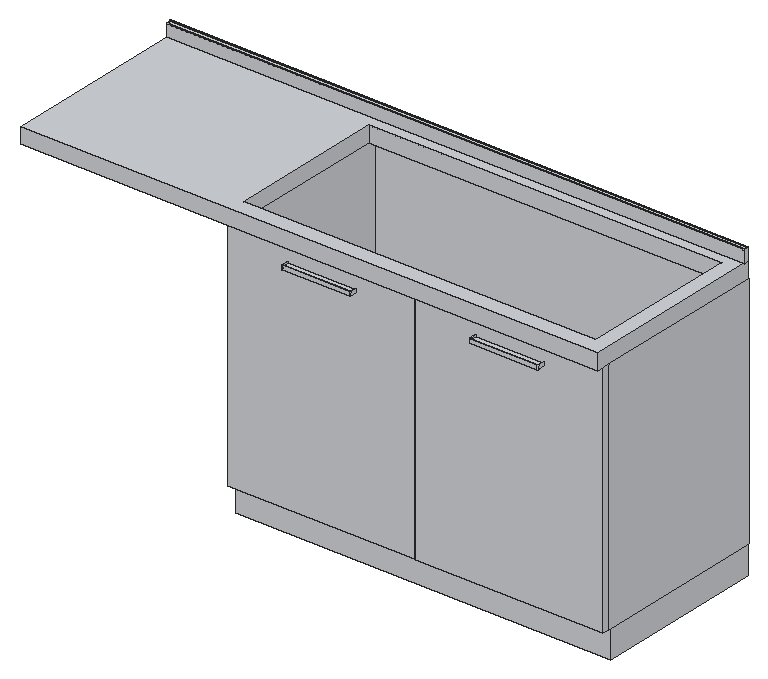
Revit family "K&D-sink", category Casework, Revit 2016
Family settings
  Work Plane-Based = No
  Always vertical = Yes
  Cut with Voids When Loaded = No
  Shared = No
  Room Calculation Point = No
Parameters (values of type "600 x 1200 x 900mm")
  Top Material = none
  Material = none
  Hole Y offset = 49.8 mm
  Hole X offset = 136.5 mm
  Hole Width = 627 mm
  Hole Depth = 500 mm
  Handle Material = none
  Depth = 600 mm
  Height = 900 mm
  Width = 1200 mm
  Assembly Code = ""
Types (2, lengths in mm): name | Width | Assembly Code
  600 x 900 x 900mm | 800 | "C1030400"
  600 x 1200 x 900mm | 1200 | ""
Reference planes
  plane 1 "Back": y = 0
  plane 2: z = 0
  plane 3 "Center (Left/Right)": x = 44.7
  plane 4 "Front": y = -600
  plane 5 "Left": x = -555.3
  plane 6 "Right": x = 644.7
  plane 7 "Top": z = 900
  plane 8: z = 90
  plane 9: z = 850
Forms (mm)
  Extrusion 1, solid
    sketch origin (0, 0, 0) x (1, 0, 0) y (0, 1, 0)
      loop
        line (-555.3, 0) -> (-555.3, -558) -> (-533.3, -558) -> (-533.3, -22) -> (622.7, -22) -> (622.7, -558) -> (644.7, -558) -> (644.7, 0) -> (-555.3, 0)
    from 90 to 850
  Extrusion 2, solid, material <- "Material"
    sketch origin (0, 0, 0) x (1, 0, 0) y (0, 1, 0)
      loop
        line (-555.3, -580) -> (43.7, -580) -> (43.7, -558) -> (-555.3, -558) -> (-555.3, -580)
      loop
        line (644.7, -580) -> (644.7, -558) -> (45.7, -558) -> (45.7, -580) -> (644.7, -580)
    from 90 to 850
  Extrusion 3, solid, material <- "Top Material"
    sketch origin (0, 0, 900) x (0, -1, 0) y (-1, 0, 0)
      loop
        line (0, 1203.3) -> (0, -644.7) -> (600, -644.7) -> (600, 1203.3) -> (0, 1203.3)
      loop
        line (49.8, 528.8) -> (49.8, -598.2) -> (549.8, -598.2) -> (549.8, 528.8) -> (49.8, 528.8)
    from 0 to 50
  Extrusion 4, solid, material <- "Material"
    sketch origin (0, 0, 900) x (0, -1, 0) y (-1, 0, 0)
      loop
        line (0.534, 555.3) -> (0.534, -644.7) -> (550.534, -644.7) -> (550.534, 555.3) -> (0.534, 555.3)
    from 810 to 900
  Sweep 5, solid, material <- "Top Material"
    path origin (0, 0, 900) x (0, -1, 0) y (1, 0, 0)
      loop
        line (0, 644.7) -> (0, -1203.3)
    profile origin (-279.3, 0, 0) x (0, -1, 0) y (0, 0, 1)
      loop
        line (0, 900) -> (15, 900) -> (15, 938)
        arc (15, 938) -> (14.414, 939.414) -> (13, 940) r 2
        line (13, 940) -> (1.504, 940) -> (1.504, 942.003) -> (0, 942.003) -> (0, 900)
Dimensions and locks
  "Width": plane 6 "Right" to plane 5 "Left"
  equal spacing: plane 6 "Right", plane 3 "Center (Left/Right)", plane 5 "Left"
  "Depth": plane 4 "Front" to plane 1 "Back"
  "Height": level to plane 7 "Top"
  locked: Extrusion 1 sketch curve to Extrusion 1 sketch curve at 22  (x3)
  locked: plane 8 to level at 90
  locked: plane 7 "Top" to plane 9 at 50
  equal spacing: plane 5 "Left", nested 1, plane 3 "Center (Left/Right)"
  equal spacing: plane 3 "Center (Left/Right)", nested 2, plane 6 "Right"
  "Hole Depth": Extrusion 3 sketch curve to Extrusion 3 sketch curve
  "Hole Y offset": Extrusion 3 sketch curve to Extrusion 3 sketch curve
  aligned and locked: Extrusion 1 sketch curve to plane 6 "Right"
  aligned and locked: plane 1 "Back" to Extrusion 1 sketch curve
  aligned and locked: plane 5 "Left" to Extrusion 1 sketch curve
  aligned and locked: Extrusion 2 to plane 9
  aligned and locked: Extrusion 1 to plane 9
  aligned and locked: plane 8 to Extrusion 2
  aligned and locked: plane 8 to Extrusion 1
  aligned and locked: Extrusion 4 to Extrusion 1
  aligned and locked: Extrusion 2 to nested 2
Automatic sketch dimensions
  plane 1 "Back" to Extrusion 4 sketch curve = 0.534 mm
  Extrusion 4 sketch curve to plane 5 "Left" = 0 mm
  Extrusion 4 sketch curve to plane 6 "Right" = 0 mm
  Extrusion 4 sketch curve to plane 4 "Front" = 49.466 mm
  Sweep 5 sketch curve to profile plane = 0 mm  (x2)
  Sweep 5 sketch curve to profile plane = 1.504 mm
  Sweep 5 sketch curve to Sweep 5 sketch curve = 11.496 mm
  Sweep 5 sketch curve to profile plane = 15 mm
  profile plane to Sweep 5 sketch curve = 38 mm
  Sweep 5 sketch curve to Sweep 5 sketch curve = 2.003 mm
  Extrusion 1 sketch curve to plane 4 "Front" = 42 mm  (x2)
  Extrusion 2 sketch curve to plane 5 "Left" = 0 mm
  Extrusion 2 sketch curve to plane 6 "Right" = 0 mm
  Extrusion 2 sketch curve to plane 3 "Center (Left/Right)" = 1 mm
  plane 3 "Center (Left/Right)" to Extrusion 2 sketch curve = 1 mm
  Extrusion 2 sketch curve to plane 4 "Front" = 20 mm
  Extrusion 2 sketch curve to Extrusion 2 sketch curve = 0 mm
  Extrusion 2 sketch curve to Extrusion 2 sketch curve = 22 mm  (x2)
  Extrusion 3 sketch curve to plane 1 "Back" = 0 mm
  Extrusion 3 sketch curve to plane 5 "Left" = 648 mm
  Extrusion 3 sketch curve to plane 6 "Right" = 0 mm
  Extrusion 3 sketch curve to plane 6 "Right" = 46.5 mm
  Extrusion 3 sketch curve to plane 4 "Front" = 0 mm
  plane 5 "Left" to Extrusion 3 sketch curve = 26.5 mm
  Sweep 5 sketch curve to Extrusion 3 = 0 mm  (x3)
Nested families
  nested 1: "Casework Handle" at (19.577, -603, 787.18), type "220 x 23mm"
  nested 2: "Casework Handle" at (619.577, -603, 787.18), type "220 x 23mm"
Definition of nested family "Casework Handle"
  Parameters
    Material = none
  Reference planes
    plane 1 "Center (Front/Back)": y = 0
    plane 2: z = 0
    plane 3 "Center (Left/Right)": x = -274.877
    plane 4: x = -384.877
    plane 5: x = -164.877
    plane 6: y = 23
    plane 7: z = 12
  Forms (mm)
    Sweep 1, solid, material <- "Material"
      path origin (0, 0, 0) x (1, 0, 0) y (0, 1, 0)
        loop
          line (-384.877, 23) -> (-384.877, 2.5)
          arc (-384.877, 2.5) -> (-384.145, 0.732) -> (-382.377, 0) r 2.5
          line (-382.377, 0) -> (-167.377, 0)
          arc (-167.377, 0) -> (-165.609, 0.732) -> (-164.877, 2.5) r 2.5
          line (-164.877, 2.5) -> (-164.877, 23)
      profile origin (0, 12.75, 0) x (1, 0, 0) y (0, 0, 1)
        loop
          line (-384.877, 0) -> (-382.877, 0) -> (-382.877, 12) -> (-384.877, 12) -> (-384.877, 0)
    Extrusion 2, solid, material <- "Material"
      sketch origin (0, 0, 0) x (1, 0, 0) y (0, 1, 0)
        loop
          arc (-382.877, 2.5) -> (-382.731, 2.146) -> (-382.377, 2) r 0.5
          line (-382.377, 2) -> (-167.377, 2)
          arc (-167.377, 2) -> (-167.023, 2.146) -> (-166.877, 2.5) r 0.5
          line (-166.877, 2.5) -> (-166.877, 23) -> (-382.877, 23) -> (-382.877, 2.5)
      from 2.765 to 9.254
  Dimensions and locks
    equal spacing: plane 4, plane 3 "Center (Left/Right)", plane 5
